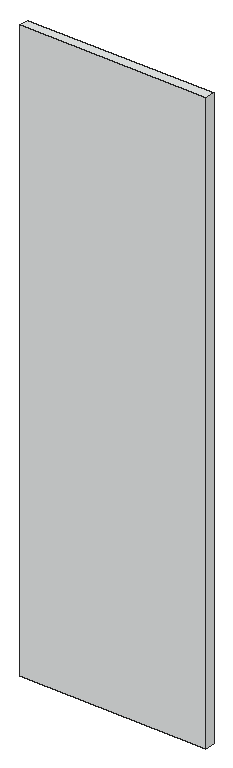
Revit family "Porta_Correr", category Doors, host Wall, Revit 2020
Family settings
  Host = Wall
  OmniClass Number = 23.30.10.00
  OmniClass Title = Doors
  Always vertical = Yes
  Cut with Voids When Loaded = No
  Shared = No
  Room Calculation Point = No
Parameters (values of type "POR_060x210_CRR_BOX")
  Thickness = 0.00 mm
  Function = Interior
  Door Material = Folha Porta
  Frame Material = Marco Porta
  Height = 2100.00 mm
  Trim Projection Ext = 25.00 mm
  Trim Projection Int = 25.00 mm
  Trim Width = 66.00 mm
  Wall Closure = By host
  Width = 600.00 mm
  Define Thermal Properties by = Schematic Type
  Analytic Construction = "<None>"
Types (10, lengths in mm): name | Thickness | Width
  POR_060x210_CRR_BOX | 0.00 | 600.00
  POR_100x210_CRR_ELV | 51.00 | 1000.00
  POR_250x210_CRR | 51.00 | 2500.00
  POR_165x210_CRR | 51.00 | 1650.00
  POR_140x210_CRR | 51.00 | 1400.00
  POR_120x210_CRR | 51.00 | 1200.00
  POR_080x210_CRR | 0.00 | 800.00
  POR_060x210_CRR | 0.00 | 600.00
  POR_070x210_CRR | 0.00 | 700.00
  POR_090x210_CRR | 51.00 | 900.00
Reference planes
  plane 1: y = 0
  plane 2: z = 0
  plane 3: x = 0
  plane 4: x = -300
  plane 5: x = 300
  plane 6: z = 2100
Forms (mm)
  Extrusion 1, solid, material "CT_Portas"
    sketch origin (0, 0, 0) x (1, 0, 0) y (0, 1, 0)
      loop
        line (-335, -76.2) -> (-335, -111.2) -> (334.391, -111.2) -> (334.391, -76.2) -> (-335, -76.2)
    from 0 to 2100
Lines and regions (mm)
  Opening 1
    outline origin (-1524, -76.2, 3657.6) x (0, 0, -1) y (1, 0, 0)
      loop
        line (1557.6, 1224) -> (3657.6, 1224) -> (3657.6, 1824) -> (1557.6, 1824) -> (1557.6, 1224)
Dimensions and locks
  equal spacing: plane 4, plane 3, plane 5
  "Width": plane 4 to plane 5
  "Height": plane 6 to plane 2
  locked: Extrusion 1 to Extrusion 1 at 35
  aligned and locked: Extrusion 1 to host wall
  aligned and locked: Extrusion 1 to plane 6
  aligned and locked: Extrusion 1 to level
Automatic sketch dimensions
  Opening 1 sketch curve to plane 6 = 0.00 mm
  Opening 1 sketch curve to level = 0.00 mm
  Opening 1 sketch curve to plane 4 = 0.00 mm
  Opening 1 sketch curve to plane 5 = 0.00 mm
  plane 4 to Extrusion 1 sketch curve = 35.00 mm
  Extrusion 1 sketch curve to plane 5 = 34.391 mm
  host wall to Extrusion 1 sketch curve = 35.00 mm
  Extrusion 1 sketch curve to Extrusion 1 sketch curve = 35.00 mm
